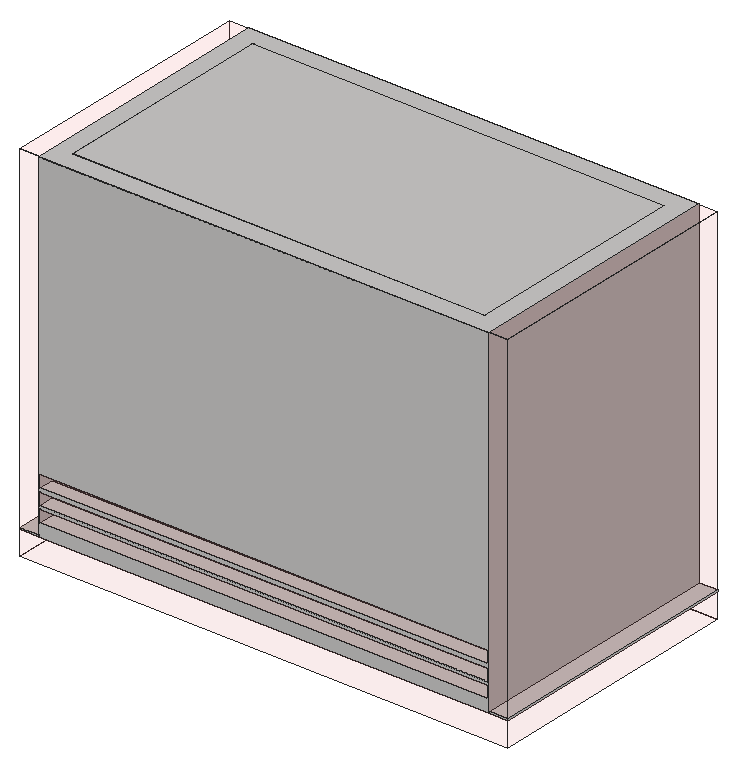
Revit family "Air-Curtain_Specialty_PoweredAire_HDC-Corrosive", category Mechanical Equipment, host Face, Revit 2023
Family settings
  Host = Face
  Round Connector Dimension = Use Diameter
  Part Type = Normal
  OmniClass Number = 23.75.35.17.21
  OmniClass Title = Air Curtains
  Cut with Voids When Loaded = No
  Maintain Annotation Orientation = No
  Shared = No
  Room Calculation Point = No
Parameters
  Warranty Duration (Years) = 0
  Unit Width Notes = "Other Widths available."  # constant formula
  Unit Width = 3' - 3"
  Unit Weight = 0
  Unit Height = 1' - 9"
  Unit Depth = 2' - 3 1/4"
  URL = "http://www.poweredaire.com/"
  Test Data = ""
  Standards Conformance = "as Specified"
  Specification = "http://www.arcat.com/sdspecs/htm04/23_34_33pai.htm"
  SpecWizard = ""
  Sound Pressure = "as Specified"
  Sales Information = "http://www.poweredaire.com/contact_us"
  Revision = "R1_2016-08"
  Projection from Host [instance] = 0' - 2"
  Product Properties = ""
  Product Data = "http://www.arcat.com/arcatcos/cos47/arc47623.html"
  Power Rating = 0 W
  Nozzle Width = if(1 = 1, Unit Width - 0' 3", 0' 0")  # 3' - 0"
  Mounting Width = if(1 = 1, Unit Width - 0' 1 1/2", 0' 0")  # 3' - 1 1/2"
  Mounting Height [instance] = 3' - 6"
  Motor RPM = 0
  Motor HP = 0
  Motor Count = 0
  Model = "As Specified"
  Max Height = 0' - 0"
  Manufacturer Website = "http://www.poweredaire.com/"
  Manufacturer Phone - Toll Free = "888-321-2473"
  Manufacturer Phone = "724-588-3305"
  Manufacturer Fax = "724-588-3371"
  Manufacturer Address = "109 Mortensen Rd.  Greenville, PA 16125"
  Manufacturer = "Powered Aire, Inc"
  Maintenance Schedule (Months) = 0
  Keynote = "23 34 33"
  Installation-Fabrication = ""
  Installation Phase = ""
  Include Clearance [instance] = yes
  Heating Element Load = 0 W
  HVAC_Temperature Rise = 0 °F
  HVAC_Outlet Volume = 0 CFM
  HVAC_Outlet Velocity Uniformity = 0
  HVAC_Outlet Velocity = 0 FPM
  Green Building-LEED = "http://www.arcat.com/green/clients/leed_data_47623.html"
  Front Grating Material [instance] = Metal - Steel - PoweredAire - Stainless 304 Perforated
  Frame Finish [instance] = Metal - Steel - PoweredAire - Stainless 304
  Expected Lifespan (Years) = 0
  Electrical_Wattage [instance] = Power Rating + Heating Element Load  # 0 W
  Electrical_Voltage [instance] = 0 V
  Electrical_Phase [instance] = 1
  Electrical_Frequency [instance] = 0 Hz
  Electrical_Amperage [instance] = 0 A
  Drawn By = "Sumex Design, Inc. / Robert S. Weygant, CSI, CDT, SCIP"
  Description = "Powered Aire Air Curtain as Specified"
  Default Elevation = 0' - 0"  # constant formula
  Copyright = "©Arcat Inc."
  Construction Details = "http://www.arcat.com/details/powair/prod3336.html"
  Clearance_Top [instance] = 0' - 0"
  Clearance_Side B [instance] = 0' - 0"
  Clearance_Side A [instance] = 0' - 0"
  Clearance_Intake [instance] = 0' - 0"
  Clearance_Bottom [instance] = 0' - 0"
  Clearance Material [instance] = ARCAT Clearance
  Building Codes = ""
  Available Options [instance] = "as Specified"
  Assembly Code = "D3090400"
Reference planes (in)
  plane 1 "Center (Elevation)": y = 10.63818
  plane 2: z = 0
  plane 3 "Center (Left/Right)": x = 0
  plane 4: y = 21.13818
  plane 5 "BoC": y = 0.13818
  plane 6: x = -19.5
  plane 7: x = 19.5
  plane 8: z = 29.25
  plane 9 "FF": y = -41.86182
  plane 10: z = 2
  plane 11: x = 18
  plane 12: x = -18
  plane 13: y = 21.13818
  plane 14: y = 0.13818
  plane 15: x = -19.5
  plane 16: x = 19.5
  plane 17: z = 29.25
  plane 18: y = 0.13818
  plane 19: x = 17.9375
  plane 20: x = -17.9375
Forms (in)
  Extrusion 1, solid, material "ARCAT Clearance" <- "Clearance Material", visible <- "Include Clearance"
    sketch origin (0, 0, 0) x (0, 1, 0) y (0, 0, 1)
      loop
        line (0.13818, 29.25) -> (0.13818, 0) -> (21.13818, 0) -> (21.13818, 29.25) -> (0.13818, 29.25)
    from -19.5 to 19.5
  Extrusion 2, solid, material "Metal - Steel - PoweredAire - Stainless 304" <- "Frame Finish"
    sketch origin (0, 10.63818, 0) x (1, 0, 0) y (0, 0, 1)
      loop
        line (18, 29.25) -> (-18, 29.25) -> (-18, 2) -> (18, 2) -> (18, 29.25)
    from -10.5 to 10.5
  Extrusion 3, void
    sketch origin (0, 0, 0) x (0, 1, 0) y (0, 0, 1)
      loop
        line (0.13818, 4) -> (0.13818, 3) -> (1.63818, 3) -> (1.63818, 6.5) -> (0.13818, 6.5) -> (0.13818, 5.5) -> (1.38818, 5.5) -> (1.38818, 5.25) -> (0.13818, 5.25) -> (0.13818, 4.25) -> (1.38818, 4.25) -> (1.38818, 4) -> (0.13818, 4)
    from -17.9375 to 17.9375
  Extrusion 4, solid, material "Metal - Steel - PoweredAire - Stainless 304 Perforated" <- "Front Grating Material"
    sketch origin (18, 10.63818, 29.25) x (-1, 0, 0) y (0, -1, 0)
      loop
        line (1.5, -9) -> (34.5, -9) -> (34.5, 9) -> (1.5, 9) -> (1.5, -9)
    from 0 to 0.03125
  Extrusion 5, solid, material "Metal - Steel - PoweredAire - Stainless 304" <- "Frame Finish"
    sketch origin (-15.17702, -180, 2) x (-1, 0, 0) y (0, -1, 0)
      loop
        line (4.32298, -201.13818) -> (4.32298, -180.13818) -> (2.82298, -180.13818) -> (2.82298, -201.13818) -> (4.32298, -201.13818)
      loop
        line (-34.67702, -201.13818) -> (-33.17702, -201.13818) -> (-33.17702, -180.13818) -> (-34.67702, -180.13818) -> (-34.67702, -201.13818)
    from 0 to 0.125
Cuts and joins
  Extrusion 3 cuts Extrusion 2
Dimensions and locks (in)
  equal spacing: plane 4, plane 1 "Center (Elevation)", plane 5 "BoC"
  "Unit Height": plane 4 to plane 5 "BoC"
  equal spacing: plane 6, plane 3 "Center (Left/Right)", plane 7
  "Unit Width": plane 6 to plane 7
  "Mounting Height": plane 5 "BoC" to plane 9 "FF"
  "Projection from Host": plane 10 to level
  "Unit Depth": plane 8 to plane 10
  locked: plane 6 to plane 12 at 1.5
  locked: plane 11 to plane 7 at 1.5
  "Clearance_Side A": plane 7 to plane 16
  "Clearance_Side B": plane 15 to plane 6
  "Clearance_Top": plane 13 to plane 4
  "Clearance_Bottom": plane 5 "BoC" to plane 14
  "Clearance_Intake": plane 17 to plane 8
  locked: plane 7 to Extrusion 2 sketch curve at 1.5
  locked: Extrusion 2 sketch curve to plane 6 at 1.5
  locked: plane 18 to plane 5 "BoC" at 0
  locked: plane 12 to Extrusion 4 sketch curve at 1.5
  locked: Extrusion 4 sketch curve to plane 11 at 1.5
  locked: Extrusion 4 sketch curve to plane 5 "BoC" at 1.5
  locked: plane 20 to plane 12 at 0.0625
  locked: plane 11 to plane 19 at 0.0625
  Extrusion 3 sketch curve to Extrusion 3 sketch curve to Extrusion 3 sketch curve to Extrusion 3 sketch curve to Extrusion 3 sketch curve to Extrusion 3 sketch curve to plane 10 = 0' - 1" locked, 0' - 0 1/4" locked, 0' - 1" locked, 0' - 0 1/4" locked, 0' - 1" locked, 0' - 1" locked
  locked: plane 4 to Extrusion 4 sketch curve at 1.5
  aligned and locked: plane 2 to host face
  aligned and locked: level to host face
  aligned and locked: Extrusion 1 sketch curve to plane 17
  aligned and locked: plane 14 to Extrusion 1 sketch curve
  aligned and locked: level to Extrusion 1 sketch curve
  aligned and locked: Extrusion 1 sketch curve to plane 13
  aligned and locked: plane 16 to Extrusion 1
  aligned and locked: Extrusion 1 to plane 15
  aligned and locked: Extrusion 2 to plane 4
  aligned and locked: Extrusion 2 to plane 18
  aligned and locked: Extrusion 2 sketch curve to plane 10
  aligned and locked: Extrusion 3 to plane 20
  aligned and locked: plane 19 to Extrusion 3
  aligned and locked: Extrusion 2 sketch curve to plane 8
  aligned and locked: plane 7 to Extrusion 5 sketch curve
  aligned and locked: Extrusion 5 sketch curve to plane 11
  aligned and locked: plane 6 to Extrusion 5 sketch curve
  aligned and locked: Extrusion 5 sketch curve to plane 12
  aligned and locked: plane 18 to Extrusion 5 sketch curve  (x2)
  aligned and locked: Extrusion 5 sketch curve to plane 4  (x2)
Automatic sketch dimensions
  host sketch curve to host sketch curve = 8' - 0"  (x2)
  Extrusion 3 sketch curve to plane 5 "BoC" = 0' - 0"  (x3)
  plane 18 to Extrusion 3 sketch curve = 0' - 1 1/4"
  Extrusion 3 sketch curve to Extrusion 3 sketch curve = 0' - 0"
  Extrusion 3 sketch curve to Extrusion 3 sketch curve = 0' - 0 1/4"
Connectors (in)
  electrical at (-18, 10.63818, 15.625), driven by "Electrical_Voltage", driven by "Electrical_Phase"
    settings: on cut or joined group of Extrusion 2, Extrusion 3, index 1, voltage 0 V, apparent load 0 VA, apparent load phase1 0 VA, apparent load phase2 0 VA, apparent load phase3 0 VA, power factor 1, load classification "Other", number of poles 1, system type 31, power factor state 1, is connector primary yes, connector utility no, sub classification motor no, connector description ""
